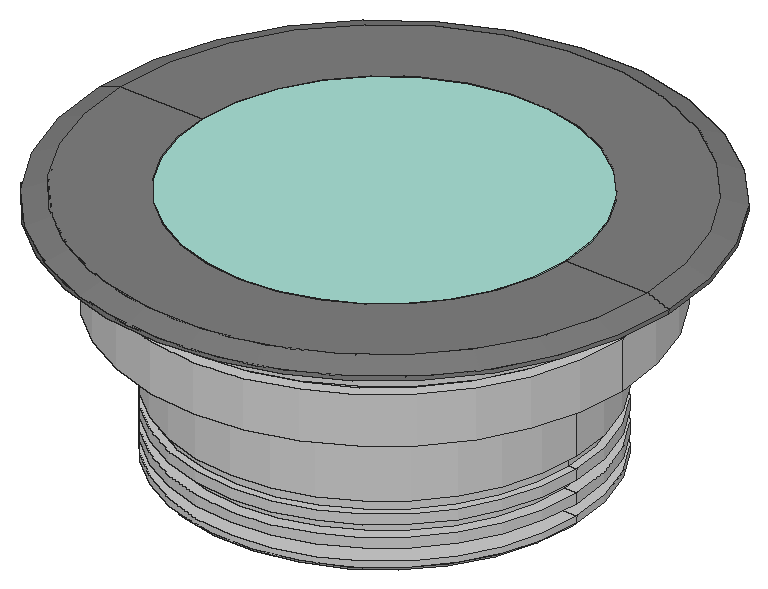
Revit family "Bright 5.F", category Lighting Fixtures, host Face, Revit 2017 (continued)
Types (16, lengths in mm): name | Wattage | Power | Photometric Web File | Optics | built-in parameter 1150142 | built-in parameter 1150105 | Lumens | built-in parameter 1150106 | Apparent Load Phase 1
  Bright 5.F X 67°x11° (3000K 14W 24Vdc) | 7.04178 W | "14W" | "BRIGHT 5.F X 67°x11° magnet [3000K 14W 24Vdc].IES" | "67°x11° adjustable through 360°" | "IESNA:LM-63-2002\r\n[TEST] 20190607-1503.LDT\r\n[TESTLAB] L&L\r\n[TESTDATE] 7 Jun 2019\r\n[ISSUEDATE] 7 Jun 2019\r\n[MANUFAC] L&L\r\n[LUMCAT] BRIGHT 5.F X 67°x11° magnet [3000K 14W 24Vdc]\r\n[LUMINAIRE] BRIGHT 5.F X 67°x11° magnet [3000K 14W 24Vdc]\r\n[FLASHAREA] 0.001900\r\n[LAMPCAT] Power LED High Intensity\r\n[LAMP] Power LED High Intensity\r\nTILT=NONE\r\n3 238.67 1.0 181 73 1 2 -0.100 -0.100 0.000\r\n1.00 1.00 14.00\r\n0.00 1.00 2.00 3.00 4.00 5.00 6.00 7.00 8.00 9.00 10.00 \r\n11.00 12.00 13.00 14.00 15.00 16.00 17.00 18.00 19.00 \r\n20.00 21.00 22.00 23.00 24.00 25.00 26.00 27.00 28.00 \r\n29.00 30.00 31.00 32.00 33.00 34.00 35.00 36.00 37.00 \r\n38.00 39.00 40.00 41.00 42.00 43.00 44.00 45.00 46.00 \r\n47.00 48.00 49.00 50.00 51.00 52.00 53.00 54.00 55.00 \r\n56.00 57.00 58.00 59.00 60.00 61.00 62.00 63.00 64.00 \r\n65.00 66.00 67.00 68.00 69.00 70.00 71.00 72.00 73.00 \r\n74.00 75.00 76.00 77.00 78.00 79.00 80.00 81.00 82.00 \r\n83.00 84.00 85.00 86.00 87.00 88.00 89.00 90.00 91.00 \r\n92.00 93.00 94.00 95.00 96.00 97.00 98.00 99.00 100.00 \r\n101.00 102.00 103.00 104.00 105.00 106.00 107.00 108.00 \r\n109.00 110.00 111.00 112.00 113.00 114.00 115.00 116.00 \r\n117.00 118.00 119.00 120.00 121.00 122.00 123.00 124.00 \r\n125.00 126.00 127.00 128.00 129.00 130.00 131.00 132.00 \r\n133.00 134.00 135.00 136.00 137.00 138.00 139.00 140.00 \r\n141.00 142.00 143.00 144.00 145.00 146.00 147.00 148.00 \r\n149.00 150.00 151.00 152.00 153.00 154.00 155.00 156.00 \r\n157.00 158.00 159.00 160.00 161.00 162.00 163.00 164.00 \r\n165.00 166.00 167.00 168.00 169.00 170.00 171.00 172.00 \r\n173.00 174.00 175.00 176.00 177.00 178.00 179.00 180.00 \r\n0.00 5.00 10.00 15.00 20.00 25.00 30.00 35.00 40.00 45.00 \r\n50.00 55.00 60.00 65.00 70.00 75.00 80.00 85.00 90.00 \r\n95.00 100.00 105.00 110.00 115.00 120.00 125.00 130.00 \r\n135.00 140.00 145.00 150.00 155.00 160.00 165.00 170.00 \r\n175.00 180.00 185.00 190.00 195.00 200.00 205.00 210.00 \r\n215.00 220.00 225.00 230.00 235.00 240.00 245.00 250.00 \r\n255.00 260.00 265.00 270.00 275.00 280.00 285.00 290.00 \r\n295.00 300.00 305.00 310.00 315.00 320.00 325.00 330.00 \r\n335.00 340.00 345.00 350.00 355.00 360.00 \r\n2995.00 2875.46 2647.96 2336.32 1966.54 1588.84 1258.45 \r\n947.90 702.60 528.51 390.87 307.12 245.25 198.65 171.26 \r\n148.25 131.37 116.58 103.62 92.83 83.18 74.01 66.73 59.56 \r\n53.77 48.68 44.13 40.23 36.98 34.12 31.62 29.31 27.19 \r\n25.37 23.54 22.06 20.61 19.28 18.03 16.94 15.81 14.87 \r\n13.93 13.05 12.21 11.46 10.80 10.06 9.46 8.84 8.24 7.72 \r\n7.22 6.73 6.32 5.88 5.53 5.16 4.83 4.49 4.17 3.84 3.55 \r\n3.26 2.97 2.71 2.45 2.22 2.01 1.82 1.64 1.48 1.32 1.18 \r\n1.04 0.91 0.79 0.69 0.59 0.49 0.40 0.33 0.25 0.19 0.14 \r\n0.10 0.07 0.05 0.03 0.01 0.00 0.00 0.00 0.00 0.00 0.00 \r\n0.00 0.00 0.00 0.00 0.00 0.00 0.00 0.00 0.00 0.00 0.00 \r\n0.00 0.00 0.00 0.00 0.00 0.00 0.00 0.00 0.00 0.00 0.00 \r\n0.00 0.00 0.00 0.00 0.00 0.00 0.00 0.00 0.00 0.00 0.00 \r\n0.00 0.00 0.00 0.00 0.00 0.00 0.00 0.00 0.00 0.00 0.00 \r\n0.00 0.00 0.00 0.00 0.00 0.00 0.00 0.00 0.00 0.00 0.00 \r\n0.00 0.00 0.00 0.00 0.00 0.00 0.00 0.00 0.00 0.00 0.00 \r\n0.00 0.00 0.00 0.00 0.00 0.00 0.00 0.00 0.00 0.00 0.00 \r\n0.00 0.00 0.00 0.00 0.00 0.00 0.00 0.00 \r\n2995.00 2918.79 2719.05 2435.06 2070.98 1710.56 1347.28 \r\n1049.87 779.27 581.26 434.64 333.91 259.28 212.82 180.78 \r\n155.15 136.05 120.79 107.56 96.10 86.63 77.24 69.37 62.09 \r\n55.75 50.26 45.72 41.68 38.27 35.15 32.49 30.10 27.91 \r\n26.01 24.15 22.60 21.08 19.76 18.50 17.38 16.30 15.26 \r\n14.29 13.41 12.55 11.77 11.07 10.38 9.73 9.08 8.48 7.92 \r\n7.42 6.91 6.49 6.07 5.68 5.32 4.97 4.63 4.32 3.99 3.69 \r\n3.39 3.10 2.85 2.58 2.34 2.11 1.91 1.72 1.55 1.39 1.24 \r\n1.10 0.97 0.85 0.73 0.62 0.53 0.44 0.35 0.28 0.21 0.16 \r\n0.12 0.08 0.06 0.04 0.02 0.00 0.00 0.00 0.00 0.00 0.00 \r\n0.00 0.00 0.00 0.00 0.00 0.00 0.00 0.00 0.00 0.00 0.00 \r\n0.00 0.00 0.00 0.00 0.00 0.00 0.00 0.00 0.00 0.00 0.00 \r\n0.00 0.00 0.00 0.00 0.00 0.00 0.00 0.00 0.00 0.00 0.00 \r\n0.00 0.00 0.00 0.00 0.00 0.00 0.00 0.00 0.00 0.00 0.00 \r\n0.00 0.00 0.00 0.00 0.00 0.00 0.00 0.00 0.00 0.00 0.00 \r\n0.00 0.00 0.00 0.00 0.00 0.00 0.00 0.00 0.00 0.00 0.00 \r\n0.00 0.00 0.00 0.00 0.00 0.00 0.00 0.00 0.00 0.00 0.00 \r\n0.00 0.00 0.00 0.00 0.00 0.00 0.00 0.00 \r\n2995.00 2919.31 2725.75 2446.35 2087.33 1732.61 1370.46 \r\n1061.93 809.69 603.87 449.23 344.73 266.86 218.91 185.12 \r\n158.89 139.58 123.32 110.09 98.80 88.39 79.10 71.28 63.90 \r\n57.62 51.59 47.12 43.00 39.38 36.16 33.42 31.00 28.76 \r\n26.70 24.91 23.28 21.76 20.39 19.11 17.92 16.80 15.77 \r\n14.79 13.87 13.00 12.18 11.41 10.72 10.04 9.40 8.76 8.21 \r\n7.70 7.17 6.71 6.29 5.89 5.51 5.16 4.80 4.48 4.14 3.84 \r\n3.55 3.25 2.98 2.72 2.47 2.23 2.01 1.80 1.62 1.44 1.29 \r\n1.13 1.00 0.87 0.74 0.63 0.53 0.43 0.35 0.28 0.21 0.16 \r\n0.11 0.08 0.06 0.04 0.02 0.00 0.00 0.00 0.00 0.00 0.00 \r\n0.00 0.00 0.00 0.00 0.00 0.00 0.00 0.00 0.00 0.00 0.00 \r\n0.00 0.00 0.00 0.00 0.00 0.00 0.00 0.00 0.00 0.00 0.00 \r\n0.00 0.00 0.00 0.00 0.00 0.00 0.00 0.00 0.00 0.00 0.00 \r\n0.00 0.00 0.00 0.00 0.00 0.00 0.00 0.00 0.00 0.00 0.00 \r\n0.00 0.00 0.00 0.00 0.00 0.00 0.00 0.00 0.00 0.00 0.00 \r\n0.00 0.00 0.00 0.00 0.00 0.00 0.00 0.00 0.00 0.00 0.00 \r\n0.00 0.00 0.00 0.00 0.00 0.00 0.00 0.00 0.00 0.00 0.00 \r\n0.00 0.00 0.00 0.00 0.00 0.00 0.00 0.00 \r\n2995.00 2920.61 2731.87 2451.42 2111.69 1761.51 1411.02 \r\n1102.40 828.62 624.25 469.10 359.21 279.38 227.21 190.86 \r\n164.47 144.00 127.05 114.03 102.14 91.48 82.15 74.24 \r\n66.49 60.04 54.00 49.06 44.76 40.92 37.69 34.87 32.30 \r\n29.96 27.90 25.99 24.32 22.67 21.29 19.92 18.70 17.54 \r\n16.50 15.46 14.52 13.63 12.76 11.97 11.21 10.53 9.86 9.22 \r\n8.62 8.07 7.51 7.03 6.56 6.16 5.76 5.39 5.03 4.68 4.35 \r\n4.04 3.74 3.45 3.17 2.89 2.64 2.39 2.16 1.93 1.73 1.54 \r\n1.36 1.20 1.05 0.91 0.78 0.66 0.55 0.44 0.35 0.28 0.21 \r\n0.16 0.11 0.08 0.06 0.04 0.02 0.00 0.00 0.00 0.00 0.00 \r\n0.00 0.00 0.00 0.00 0.00 0.00 0.00 0.00 0.00 0.00 0.00 \r\n0.00 0.00 0.00 0.00 0.00 0.00 0.00 0.00 0.00 0.00 0.00 \r\n0.00 0.00 0.00 0.00 0.00 0.00 0.00 0.00 0.00 0.00 0.00 \r\n0.00 0.00 0.00 0.00 0.00 0.00 0.00 0.00 0.00 0.00 0.00 \r\n0.00 0.00 0.00 0.00 0.00 0.00 0.00 0.00 0.00 0.00 0.00 \r\n0.00 0.00 0.00 0.00 0.00 0.00 0.00 0.00 0.00 0.00 0.00 \r\n0.00 0.00 0.00 0.00 0.00 0.00 0.00 0.00 0.00 0.00 0.00 \r\n0.00 0.00 0.00 0.00 0.00 0.00 0.00 0.00 0.00 \r\n2995.00 2921.19 2736.00 2481.51 2135.49 1813.71 1454.81 \r\n1144.20 878.97 663.56 498.49 387.84 296.85 241.56 202.04 \r\n172.63 151.67 133.66 119.96 107.46 96.39 86.61 78.41 \r\n70.42 63.86 57.50 52.26 47.76 43.51 40.00 37.08 34.23 \r\n31.76 29.62 27.56 25.91 24.10 22.69 21.24 19.94 18.75 \r\n17.59 16.50 15.51 14.52 13.63 12.82 11.95 11.25 10.51 \r\n9.86 9.20 8.60 8.03 7.52 6.99 6.56 6.13 5.72 5.35 4.98 \r\n4.63 4.32 4.01 3.70 3.42 3.13 2.88 2.61 2.37 2.13 1.91 \r\n1.70 1.50 1.32 1.15 0.99 0.84 0.71 0.58 0.47 0.37 0.29 \r\n0.22 0.16 0.11 0.08 0.06 0.04 0.02 0.00 0.00 0.00 0.00 \r\n0.00 0.00 0.00 0.00 0.00 0.00 0.00 0.00 0.00 0.00 0.00 \r\n0.00 0.00 0.00 0.00 0.00 0.00 0.00 0.00 0.00 0.00 0.00 \r\n0.00 0.00 0.00 0.00 0.00 0.00 0.00 0.00 0.00 0.00 0.00 \r\n0.00 0.00 0.00 0.00 0.00 0.00 0.00 0.00 0.00 0.00 0.00 \r\n0.00 0.00 0.00 0.00 0.00 0.00 0.00 0.00 0.00 0.00 0.00 \r\n0.00 0.00 0.00 0.00 0.00 0.00 0.00 0.00 0.00 0.00 0.00 \r\n0.00 0.00 0.00 0.00 0.00 0.00 0.00 0.00 0.00 0.00 0.00 \r\n0.00 0.00 0.00 0.00 0.00 0.00 0.00 0.00 0.00 0.00 \r\n2995.00 2923.90 2755.66 2501.70 2189.56 1842.18 1516.14 \r\n1197.38 929.49 705.41 542.77 414.54 325.12 260.39 218.15 \r\n184.53 161.10 141.94 126.86 114.05 102.84 92.80 84.02 \r\n76.00 68.76 62.18 56.51 51.63 47.04 43.28 40.00 37.04 \r\n34.35 31.99 29.88 27.93 26.06 24.47 22.91 21.50 20.24 \r\n18.95 17.83 16.75 15.73 14.77 13.90 13.02 12.21 11.44 \r\n10.72 10.03 9.38 8.79 8.21 7.69 7.18 6.69 6.27 5.85 5.45 \r\n5.08 4.72 4.39 4.06 3.77 3.47 3.17 2.91 2.65 2.40 2.15 \r\n1.93 1.70 1.50 1.30 1.13 0.96 0.80 0.65 0.53 0.41 0.32 \r\n0.24 0.17 0.12 0.08 0.06 0.04 0.02 0.00 0.00 0.00 0.00 \r\n0.00 0.00 0.00 0.00 0.00 0.00 0.00 0.00 0.00 0.00 0.00 \r\n0.00 0.00 0.00 0.00 0.00 0.00 0.00 0.00 0.00 0.00 0.00 \r\n0.00 0.00 0.00 0.00 0.00 0.00 0.00 0.00 0.00 0.00 0.00 \r\n0.00 0.00 0.00 0.00 0.00 0.00 0.00 0.00 0.00 0.00 0.00 \r\n0.00 0.00 0.00 0.00 0.00 0.00 0.00 0.00 0.00 0.00 0.00 \r\n0.00 0.00 0.00 0.00 0.00 0.00 0.00 0.00 0.00 0.00 0.00 \r\n0.00 0.00 0.00 0.00 0.00 0.00 0.00 0.00 0.00 0.00 0.00 \r\n0.00 0.00 0.00 0.00 0.00 0.00 0.00 0.00 0.00 0.00 \r\n2995.00 2928.48 2768.88 2528.14 2229.97 1923.02 1583.02 \r\n1284.12 1004.94 786.24 595.50 464.99 359.81 291.25 239.88 \r\n203.22 175.50 154.24 137.59 123.28 111.27 100.75 91.97 \r\n82.96 75.87 68.90 62.63 57.23 52.14 47.90 44.27 40.88 \r\n37.98 35.28 32.89 30.84 28.84 27.04 25.31 23.80 22.33 \r\n21.05 19.74 18.65 17.54 16.48 15.53 14.59 13.71 12.88 \r\n12.12 11.34 10.62 9.94 9.33 8.71 8.18 7.65 7.15 6.67 6.20 \r\n5.78 5.37 4.99 4.62 4.28 3.93 3.63 3.32 3.02 2.74 2.47 \r\n2.21 1.97 1.73 1.52 1.31 1.11 0.93 0.76 0.61 0.48 0.36 \r\n0.27 0.19 0.13 0.09 0.06 0.04 0.02 0.00 0.00 0.00 0.00 \r\n0.00 0.00 0.00 0.00 0.00 0.00 0.00 0.00 0.00 0.00 0.00 \r\n0.00 0.00 0.00 0.00 0.00 0.00 0.00 0.00 0.00 0.00 0.00 \r\n0.00 0.00 0.00 0.00 0.00 0.00 0.00 0.00 0.00 0.00 0.00 \r\n0.00 0.00 0.00 0.00 0.00 0.00 0.00 0.00 0.00 0.00 0.00 \r\n0.00 0.00 0.00 0.00 0.00 0.00 0.00 0.00 0.00 0.00 0.00 \r\n0.00 0.00 0.00 0.00 0.00 0.00 0.00 0.00 0.00 0.00 0.00 \r\n0.00 0.00 0.00 0.00 0.00 0.00 0.00 0.00 0.00 0.00 0.00 \r\n0.00 0.00 0.00 0.00 0.00 0.00 0.00 0.00 0.00 0.00 \r\n2995.00 2935.92 2791.34 2567.29 2288.69 1983.63 1671.96 \r\n1374.81 1099.30 863.28 673.89 526.89 412.86 332.23 269.80 \r\n227.58 195.17 169.96 151.37 135.15 122.50 111.12 101.27 \r\n92.43 84.56 77.05 70.34 64.46 59.14 54.44 49.97 46.36 \r\n42.87 39.93 37.07 34.66 32.42 30.41 28.51 26.83 25.25 \r\n23.77 22.33 21.07 19.87 18.70 17.64 16.62 15.70 14.74 \r\n13.89 13.06 12.30 11.50 10.80 10.15 9.52 8.91 8.32 7.78 \r\n7.23 6.76 6.27 5.82 5.38 4.98 4.56 4.21 3.84 3.49 3.15 \r\n2.85 2.55 2.27 2.00 1.76 1.52 1.29 1.08 0.88 0.71 0.55 \r\n0.42 0.31 0.21 0.14 0.10 0.06 0.05 0.02 0.00 0.00 0.00 \r\n0.00 0.00 0.00 0.00 0.00 0.00 0.00 0.00 0.00 0.00 0.00 \r\n0.00 0.00 0.00 0.00 0.00 0.00 0.00 0.00 0.00 0.00 0.00 \r\n0.00 0.00 0.00 0.00 0.00 0.00 0.00 0.00 0.00 0.00 0.00 \r\n0.00 0.00 0.00 0.00 0.00 0.00 0.00 0.00 0.00 0.00 0.00 \r\n0.00 0.00 0.00 0.00 0.00 0.00 0.00 0.00 0.00 0.00 0.00 \r\n0.00 0.00 0.00 0.00 0.00 0.00 0.00 0.00 0.00 0.00 0.00 \r\n0.00 0.00 0.00 0.00 0.00 0.00 0.00 0.00 0.00 0.00 0.00 \r\n0.00 0.00 0.00 0.00 0.00 0.00 0.00 0.00 0.00 0.00 0.00 \r\n2995.00 2939.38 2809.22 2604.99 2348.51 2067.10 1766.60 \r\n1480.29 1204.70 974.08 775.96 616.15 481.02 389.34 317.84 \r\n264.76 225.21 194.93 171.26 153.21 137.79 124.90 114.37 \r\n104.73 96.10 87.89 81.09 74.59 68.74 63.29 58.48 53.99 \r\n50.13 46.33 43.14 40.29 37.56 35.17 33.04 31.08 29.20 \r\n27.40 25.83 24.31 22.88 21.57 20.33 19.18 18.06 17.02 \r\n16.03 15.08 14.19 13.34 12.50 11.74 11.02 10.32 9.64 8.99 \r\n8.39 7.78 7.22 6.70 6.18 5.71 5.25 4.82 4.40 4.00 3.60 \r\n3.26 2.89 2.57 2.26 1.97 1.70 1.44 1.20 0.98 0.78 0.61 \r\n0.46 0.33 0.24 0.16 0.10 0.07 0.05 0.02 0.00 0.00 0.00 \r\n0.00 0.00 0.00 0.00 0.00 0.00 0.00 0.00 0.00 0.00 0.00 \r\n0.00 0.00 0.00 0.00 0.00 0.00 0.00 0.00 0.00 0.00 0.00 \r\n0.00 0.00 0.00 0.00 0.00 0.00 0.00 0.00 0.00 0.00 0.00 \r\n0.00 0.00 0.00 0.00 0.00 0.00 0.00 0.00 0.00 0.00 0.00 \r\n0.00 0.00 0.00 0.00 0.00 0.00 0.00 0.00 0.00 0.00 0.00 \r\n0.00 0.00 0.00 0.00 0.00 0.00 0.00 0.00 0.00 0.00 0.00 \r\n0.00 0.00 0.00 0.00 0.00 0.00 0.00 0.00 0.00 0.00 0.00 \r\n0.00 0.00 0.00 0.00 0.00 0.00 0.00 0.00 0.00 0.00 0.00 \r\n2995.00 2949.50 2826.43 2644.08 2410.85 2150.34 1863.22 \r\n1597.22 1325.66 1103.23 899.81 720.97 584.04 468.39 \r\n385.14 320.39 270.31 229.97 201.44 177.68 159.47 144.03 \r\n131.30 120.31 111.03 101.77 94.43 87.44 80.96 74.92 69.39 \r\n64.58 59.74 55.61 51.61 48.10 44.69 41.67 38.95 36.48 \r\n34.13 32.04 30.04 28.21 26.52 24.95 23.40 22.05 20.71 \r\n19.45 18.32 17.18 16.15 15.15 14.21 13.32 12.49 11.65 \r\n10.92 10.16 9.48 8.76 8.14 7.56 6.94 6.41 5.89 5.39 4.92 \r\n4.45 4.01 3.61 3.21 2.85 2.49 2.18 1.87 1.58 1.31 1.07 \r\n0.84 0.66 0.50 0.36 0.25 0.17 0.11 0.07 0.05 0.02 0.00 \r\n0.00 0.00 0.00 0.00 0.00 0.00 0.00 0.00 0.00 0.00 0.00 \r\n0.00 0.00 0.00 0.00 0.00 0.00 0.00 0.00 0.00 0.00 0.00 \r\n0.00 0.00 0.00 0.00 0.00 0.00 0.00 0.00 0.00 0.00 0.00 \r\n0.00 0.00 0.00 0.00 0.00 0.00 0.00 0.00 0.00 0.00 0.00 \r\n0.00 0.00 0.00 0.00 0.00 0.00 0.00 0.00 0.00 0.00 0.00 \r\n0.00 0.00 0.00 0.00 0.00 0.00 0.00 0.00 0.00 0.00 0.00 \r\n0.00 0.00 0.00 0.00 0.00 0.00 0.00 0.00 0.00 0.00 0.00 \r\n0.00 0.00 0.00 0.00 0.00 0.00 0.00 0.00 0.00 0.00 0.00 \r\n0.00 0.00 \r\n2995.00 2949.40 2845.86 2686.60 2469.40 2234.05 1978.12 \r\n1724.91 1481.56 1247.31 1044.36 874.70 701.14 586.00 \r\n487.31 403.57 340.09 288.61 247.59 218.07 193.33 172.88 \r\n157.06 143.18 131.61 121.31 112.31 104.77 97.16 90.47 \r\n84.59 78.42 73.23 68.33 63.46 59.15 54.90 51.07 47.44 \r\n44.12 41.32 38.43 35.78 33.44 31.14 29.17 27.32 25.55 \r\n23.94 22.43 21.00 19.67 18.44 17.24 16.16 15.09 14.11 \r\n13.19 12.29 11.46 10.64 9.87 9.14 8.44 7.76 7.15 6.55 \r\n5.99 5.45 4.93 4.43 3.99 3.55 3.14 2.75 2.38 2.05 1.73 \r\n1.44 1.16 0.93 0.71 0.54 0.38 0.26 0.18 0.11 0.07 0.05 \r\n0.02 0.00 0.00 0.00 0.00 0.00 0.00 0.00 0.00 0.00 0.00 \r\n0.00 0.00 0.00 0.00 0.00 0.00 0.00 0.00 0.00 0.00 0.00 \r\n0.00 0.00 0.00 0.00 0.00 0.00 0.00 0.00 0.00 0.00 0.00 \r\n0.00 0.00 0.00 0.00 0.00 0.00 0.00 0.00 0.00 0.00 0.00 \r\n0.00 0.00 0.00 0.00 0.00 0.00 0.00 0.00 0.00 0.00 0.00 \r\n0.00 0.00 0.00 0.00 0.00 0.00 0.00 0.00 0.00 0.00 0.00 \r\n0.00 0.00 0.00 0.00 0.00 0.00 0.00 0.00 0.00 0.00 0.00 \r\n0.00 0.00 0.00 0.00 0.00 0.00 0.00 0.00 0.00 0.00 0.00 \r\n0.00 0.00 0.00 0.00 \r\n2995.00 2959.17 2866.65 2723.95 2536.88 2327.40 2097.70 \r\n1869.09 1629.47 1420.50 1218.11 1034.03 875.90 740.07 \r\n621.85 527.29 447.10 379.63 327.44 282.93 249.72 220.57 \r\n197.56 179.02 163.72 149.40 138.39 128.33 119.45 111.21 \r\n103.61 97.17 90.47 84.46 78.53 73.21 68.22 63.46 58.86 \r\n54.71 50.84 47.16 43.56 40.49 37.58 34.79 32.31 30.07 \r\n28.01 26.07 24.34 22.63 21.15 19.62 18.36 17.12 15.99 \r\n14.89 13.86 12.86 11.95 11.01 10.22 9.44 8.65 7.96 7.27 \r\n6.64 6.05 5.46 4.89 4.37 3.87 3.43 2.99 2.61 2.23 1.87 \r\n1.56 1.26 1.01 0.77 0.58 0.41 0.28 0.18 0.12 0.08 0.05 \r\n0.02 0.00 0.00 0.00 0.00 0.00 0.00 0.00 0.00 0.00 0.00 \r\n0.00 0.00 0.00 0.00 0.00 0.00 0.00 0.00 0.00 0.00 0.00 \r\n0.00 0.00 0.00 0.00 0.00 0.00 0.00 0.00 0.00 0.00 0.00 \r\n0.00 0.00 0.00 0.00 0.00 0.00 0.00 0.00 0.00 0.00 0.00 \r\n0.00 0.00 0.00 0.00 0.00 0.00 0.00 0.00 0.00 0.00 0.00 \r\n0.00 0.00 0.00 0.00 0.00 0.00 0.00 0.00 0.00 0.00 0.00 \r\n0.00 0.00 0.00 0.00 0.00 0.00 0.00 0.00 0.00 0.00 0.00 \r\n0.00 0.00 0.00 0.00 0.00 0.00 0.00 0.00 0.00 0.00 0.00 \r\n0.00 0.00 0.00 0.00 \r\n2995.00 2965.58 2882.29 2764.19 2596.13 2419.95 2206.21 \r\n2007.87 1794.96 1601.90 1411.29 1239.94 1071.46 940.62 \r\n811.81 702.62 609.67 525.86 458.41 397.02 348.74 305.53 \r\n273.32 243.51 220.29 199.20 182.55 167.81 154.83 143.36 \r\n133.18 123.80 115.11 107.05 99.07 92.31 85.42 79.31 73.42 \r\n68.20 63.04 58.39 53.76 49.73 45.94 42.32 39.08 36.10 \r\n33.48 30.82 28.52 26.38 24.45 22.56 21.04 19.53 18.16 \r\n16.84 15.62 14.45 13.38 12.38 11.40 10.53 9.66 8.86 8.06 \r\n7.37 6.65 6.02 5.37 4.82 4.26 3.74 3.27 2.82 2.43 2.03 \r\n1.70 1.37 1.09 0.85 0.63 0.44 0.30 0.19 0.12 0.08 0.05 \r\n0.02 0.00 0.00 0.00 0.00 0.00 0.00 0.00 0.00 0.00 0.00 \r\n0.00 0.00 0.00 0.00 0.00 0.00 0.00 0.00 0.00 0.00 0.00 \r\n0.00 0.00 0.00 0.00 0.00 0.00 0.00 0.00 0.00 0.00 0.00 \r\n0.00 0.00 0.00 0.00 0.00 0.00 0.00 0.00 0.00 0.00 0.00 \r\n0.00 0.00 0.00 0.00 0.00 0.00 0.00 0.00 0.00 0.00 0.00 \r\n0.00 0.00 0.00 0.00 0.00 0.00 0.00 0.00 0.00 0.00 0.00 \r\n0.00 0.00 0.00 0.00 0.00 0.00 0.00 0.00 0.00 0.00 0.00 \r\n0.00 0.00 0.00 0.00 0.00 0.00 0.00 0.00 0.00 0.00 0.00 \r\n0.00 0.00 0.00 0.00 \r\n2995.00 2965.32 2897.41 2795.57 2648.44 2492.95 2322.95 \r\n2144.98 1961.90 1788.15 1620.59 1471.67 1307.87 1175.79 \r\n1054.30 937.21 834.89 740.21 654.40 583.90 515.31 459.21 \r\n410.44 366.82 330.37 297.41 270.9
